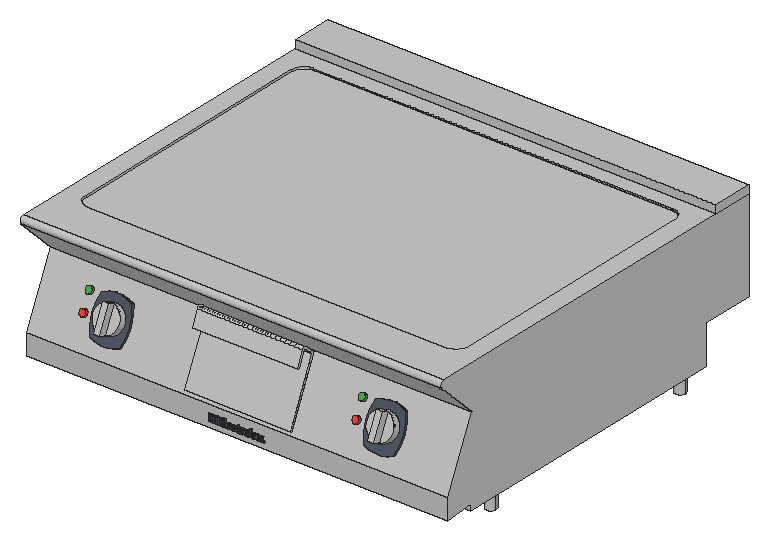
Revit family "QF_ELECTROLUXPROFESSIONAL_Professional_371340_E7IIKDAOMEA", category Specialty Equipment, Revit 2018
Family settings
  Round Connector Dimension = Use Diameter
  Part Type = Normal
  Work Plane-Based = No
  Always vertical = Yes
  Cut with Voids When Loaded = No
  Shared = No
  Room Calculation Point = No
Parameters
  Width = 800.1 mm  # constant formula
  Weight in Pounds = 165  # constant formula
  Watts = 8400 VA  # 8400 W
  Volts = 400 V  # constant formula
  URL Cutsheet = "www.electrolux.com/foodservice"
  URL = "www.electrolux.com/foodservice"
  Type Mark [instance] = ""
  Status [instance] = ""
  Specification by User [instance] = ""
  Specification by Manufacturer = ""
  Show Logo [instance] = yes
  Show Clearance [instance] = yes
  Serial Number = ""
  Seismic Rating = ""
  SMACNA No = ""
  Revision Code [instance] = ""
  Phase = 3  # constant formula
  Omniclass Number and Title = ""
  Number of Poles [instance] = 1
  NAFEM Spec ID Number = ""
  Model = "371186"
  Min Ckt Ampacity = 0 A
  Max Overcurrent Protection = 0 A
  Masterspec = ""
  Manufacturer = "ELECTROLUX"
  Item Number [instance] = ""
  Installed By [instance] = ""
  Identify Quantity as Lot [instance] = yes
  Height = 290.5 mm  # constant formula
  HP = "11.3 HP"
  Furnished By [instance] = ""
  Foodservice Equipment Identifier [instance] = yes
  FL Amps = if(Phase = 3, Watts / (Volts * 1.73), Watts / Volts)  # 12.1387 A
  Electrical Remarks [instance] = "400 V/3N ph/50/60 Hz"  # constant formula
  Electric Connection Type [instance] = ""
  Elec Conn RI Height [instance] = 0 mm
  Elec Conn Connection Height [instance] = 0 mm
  Direct Waste Size = 0"
  Description = "700XP Full Module Electricl Fry Top, Smotth Plate, Mild Steel - 400V"
  Depth = 730.25 mm  # constant formula
  Cycle [instance] = if([60 Hertz Option], 60 Hz, 50 Hz)  # 60 Hz
  Conn Plug = ""
  Conn Conduit = yes
  CSI MasterFormat = ""
  CSI Master Format = ""
  Base Height [instance] = 25.4 mm
  Assembly Code = ""
  Apparent Power = if(Phase = 3, Volts * FL Amps * 1.73, Volts * FL Amps)  # 8400 VA
  60 Hertz Option [instance] = not([50 Hertz Option])  # yes
  50 Hertz Option [instance] = no
Reference planes
  plane 1 "BACK": y = 0
  plane 2: z = 0
  plane 3 "LEFT": x = 0
  plane 4 "RIGHT": x = 800.1
  plane 5 "FRONT": y = -730.25
  plane 6 "TOP": z = 290.5
  plane 7 "Center Y": x = 400.05
  plane 8 "Center X": y = -365.125
  plane 9 "BASE": z = 25.4
Forms (mm)
  Extrusion 1, solid, material "QF_Finishes_Clearance", visible <- "Show Clearance", detail levels coarse
    sketch origin (0, 0, 0) x (1, 0, 0) y (0, 1, 0)
      loop
        line (0, -730.25) -> (0, 0) -> (800.1, 0) -> (800.1, -730.25) -> (950.119, -730.25) -> (950.119, 150.019) -> (-150.019, 150.019) -> (-150.019, -730.25) -> (0, -730.25)
    from 0 to 290.5
  Extrusion 2, solid, material "QF_Finishes_Stainless Steel"
    sketch origin (0, 0, 0) x (0, 1, 0) y (0, 0, 1)
      loop
        line (0, 275.388) -> (-722.94, 275.388)
        arc (-722.94, 275.388) -> (-729.701, 270.87) -> (-728.114, 262.895) r 7.318
        line (-728.114, 262.895) -> (-657.676, 192.457) -> (-713.772, 70.59) -> (-713.772, 32.49) -> (-660.4, 38.1) -> (-660.4, 25.4) -> (-101.6, 25.4) -> (-101.6, 100.012) -> (0, 100.012) -> (0, 275.388)
    from 0 to 800.1
  Extrusion 3, void
    sketch origin (0, 0, 275.388) x (1, 0, 0) y (0, -1, 0)
      loop
        line (60.425, 104.885) -> (739.675, 104.885)
        arc (739.675, 104.885) -> (757.636, 112.324) -> (765.075, 130.285) r 25.4
        line (765.075, 130.285) -> (765.075, 619.485)
        arc (765.075, 619.485) -> (757.636, 637.445) -> (739.675, 644.885) r 25.4
        line (739.675, 644.885) -> (60.425, 644.885)
        arc (60.425, 644.885) -> (42.464, 637.445) -> (35.025, 619.485) r 25.4
        line (35.025, 619.485) -> (35.025, 130.285)
        arc (35.025, 130.285) -> (42.464, 112.324) -> (60.425, 104.885) r 25.4
    from 0 to 3.2
  Extrusion 4, solid, material "QF_Finishes_Stainless Steel"
    sketch origin (0, 0, 0) x (1, 0, 0) y (0, 1, 0)
      loop
        circle (11.112, -147.638) r 9.525
      loop
        circle (11.112, -597.884) r 9.525
      loop
        circle (788.987, -147.638) r 9.525
      loop
        circle (788.987, -597.884) r 9.525
    from 0 to 25.4
  Extrusion 5, solid, material "QF_Finishes_Stainless Steel"
    sketch origin (0, -101.6, 100.012) x (0, 0, -1) y (-1, 0, 0)
      loop
        circle (40.707, -749.3) r 12.7
    from 0 to 3.175
  Extrusion 6, solid, material "QF_Finishes_Stainless Steel"
    sketch origin (400.05, 175.397, 1219.2) x (0, 1, 0) y (0, 0, 1)
      loop
        line (-834.228, -1029.241) -> (-850.635, -1012.834)
        arc (-850.635, -1012.834) -> (-855.102, -1011.432) -> (-858.806, -1014.296) r 5.058
        line (-858.806, -1014.296) -> (-871.468, -1041.806) -> (-868.584, -1043.134) -> (-855.922, -1015.624)
        arc (-855.922, -1015.624) -> (-854.543, -1014.557) -> (-852.88, -1015.079) r 1.883
        line (-852.88, -1015.079) -> (-838.037, -1029.922) -> (-888.871, -1140.367) -> (-885.987, -1141.695) -> (-834.228, -1029.241)
    from 100 to -100
  Extrusion 7, solid, material "QF_Finishes_Drawer Clearance", visible <- "Show Clearance", detail levels coarse
    sketch origin (293.7, -101.6, 0) x (0, 1, 0) y (0, 0, 1)
      loop
        line (-660.751, 176.066) -> (-648.089, 203.576)
        arc (-648.089, 203.576) -> (-646.71, 204.643) -> (-645.046, 204.121) r 1.883
        line (-645.046, 204.121) -> (-630.204, 189.278) -> (-681.037, 78.833) -> (-678.153, 77.505) -> (-608.989, 77.505) -> (-557.231, 189.959) -> (-573.638, 206.366)
        arc (-573.638, 206.366) -> (-574.873, 207.273) -> (-576.323, 207.768) r 5.058
        line (-576.323, 207.768) -> (-647.269, 207.768)
        arc (-647.269, 207.768) -> (-649.472, 206.79) -> (-650.973, 204.904) r 5.058
        line (-650.973, 204.904) -> (-663.635, 177.394) -> (-660.751, 176.066)
    from 6.35 to 206.35
  Extrusion 8, solid, material "QF_Finishes_Navy Blue"
    sketch origin (0, -713.772, 70.59) x (0, 0.418137, 0.908384) y (-1, 0, 0)
      loop
        arc (100.548, -111.195) -> (65.254, -103.821) -> (29.891, -110.852) r 90.252
        arc (29.891, -110.852) -> (23.059, -139.635) -> (29.652, -168.474) r 65.19
        arc (29.652, -168.474) -> (65.166, -175.722) -> (100.621, -168.194) r 88.914
        arc (100.621, -168.194) -> (107.168, -139.686) -> (100.548, -111.195) r 64.978
    from 0 to 3.175
  Extrusion 9, solid, material "QF_Finishes_Stainless Steel"
    sketch origin (-21.25, -717.485, 70.116) x (0, 0.418137, 0.908384) y (-1, 0, 0)
      loop
        circle (68.826, -160.963) r 25.4
    from 0 to 12.7
  Extrusion 10, solid, material "QF_Finishes_Stainless Steel"
    sketch origin (-21.25, -729.022, 75.427) x (0, 0.418137, 0.908384) y (-1, 0, 0)
      loop
        arc (93.558, -166.749) -> (94.226, -160.963) -> (93.558, -155.177) r 25.4
        line (93.558, -155.177) -> (44.094, -155.177)
        arc (44.094, -155.177) -> (43.426, -160.963) -> (44.094, -166.749) r 25.4
        line (44.094, -166.749) -> (93.558, -166.749)
    from 0 to 12.7
  Extrusion 11, solid, material "QF_Finishes_Red"
    sketch origin (0, -713.772, 70.59) x (0, 0.418137, 0.908384) y (-1, 0, 0)
      loop
        circle (60.004, -87.788) r 6.35
    from 0 to 3.175
  Extrusion 12, solid, material "QF_Finishes_Red"
    sketch origin (0, -713.772, 70.59) x (0, 0.418137, 0.908384) y (-1, 0, 0)
      loop
        circle (60.004, -607.001) r 6.35
    from 0 to 3.175
  Extrusion 13, solid, material "QF_Finishes_Green"
    sketch origin (0, -713.772, 70.59) x (0, 0.418137, 0.908384) y (-1, 0, 0)
      loop
        circle (95.7, -87.788) r 6.35
    from 0 to 3.175
  Extrusion 14, solid, material "QF_Finishes_Green"
    sketch origin (0, -713.772, 70.59) x (0, 0.418137, 0.908384) y (-1, 0, 0)
      loop
        circle (95.7, -607.001) r 6.35
    from 0 to 3.175
  Extrusion 15, solid, material "QF_Finishes_Stainless Steel"
    sketch origin (0, 0, 0) x (0, 1, 0) y (0, 0, 1)
      loop
        line (0, 275.388) -> (0, 290.5) -> (-76.2, 290.5) -> (-76.2, 275.388) -> (0, 275.388)
    from 0 to 800.1
  Extrusion 16, solid, material "QF_Finishes_Stainless Steel"
    sketch origin (821.35, -717.485, 70.116) x (0, 0.418137, 0.908384) y (-1, 0, 0)
      loop
        circle (68.826, 160.963) r 25.4
    from 0 to 12.7
  Extrusion 17, solid, material "QF_Finishes_Stainless Steel"
    sketch origin (821.35, -729.022, 75.427) x (0, 0.418137, 0.908384) y (-1, 0, 0)
      loop
        line (93.558, 166.749) -> (44.094, 166.749)
        arc (44.094, 166.749) -> (43.426, 160.963) -> (44.094, 155.177) r 25.4
        line (44.094, 155.177) -> (93.558, 155.177)
        arc (93.558, 155.177) -> (94.226, 160.963) -> (93.558, 166.749) r 25.4
    from 0 to 12.7
  Extrusion 18, solid, material "QF_Finishes_Navy Blue"
    sketch origin (800.1, -713.772, 70.59) x (0, 0.418137, 0.908384) y (-1, 0, 0)
      loop
        arc (100.548, 111.2) -> (107.167, 139.689) -> (100.621, 168.194) r 64.977
        arc (100.621, 168.194) -> (65.165, 175.601) -> (29.652, 168.469) r 90.248
        arc (29.652, 168.469) -> (23.06, 139.633) -> (29.891, 110.852) r 65.189
        arc (29.891, 110.852) -> (65.255, 103.729) -> (100.548, 111.2) r 89.179
    from 0 to 3.175
  Extrusion 19, solid, material "QF_Finishes_Navy Blue", visible <- "Show Logo"
    sketch origin (58.349, -713.772, 35.665) x (0, 0, 1) y (-1, 0, 0)
      loop
        line (20.674, -296.698) -> (8.307, -296.698)
        arc (8.307, -296.698) -> (14.491, -301.27) -> (20.674, -296.698) r 6.467
      loop
        arc (20.674, -296.069) -> (19.505, -290.926) -> (14.849, -288.448) r 6.338
        line (14.849, -288.448) -> (14.849, -290.494)
        arc (14.849, -290.494) -> (16.333, -294.149) -> (19.778, -296.069) r 5.941
        line (19.778, -296.069) -> (20.674, -296.069)
      loop
        arc (9.203, -296.069) -> (12.648, -294.149) -> (14.132, -290.494) r 5.941
        line (14.132, -290.494) -> (14.132, -288.448)
        arc (14.132, -288.448) -> (9.438, -290.922) -> (8.148, -296.069) r 6.504
        line (8.148, -296.069) -> (9.203, -296.069)
      loop
        line (21.349, -287.979) -> (7.604, -287.979) -> (7.604, -301.742) -> (21.349, -301.742) -> (21.349, -287.979)
      loop
        arc (21.432, -304.71) -> (21.085, -304.352) -> (20.718, -304.69) r 0.358
        arc (20.718, -304.69) -> (20.404, -305.44) -> (19.687, -305.825) r 1.216
        line (19.687, -305.825) -> (9.274, -305.825)
        arc (9.274, -305.825) -> (8.614, -305.548) -> (8.218, -304.951) r 1.238
        arc (8.218, -304.951) -> (7.823, -304.7) -> (7.518, -305.054) r 0.358
        line (7.518, -305.054) -> (7.518, -314.933) -> (10.269, -314.933) -> (10.269, -314.036)
        arc (10.269, -314.036) -> (9.36, -313.456) -> (8.904, -312.479) r 1.928
        line (8.904, -312.479) -> (8.904, -309.98)
        arc (8.904, -309.98) -> (9.18, -309.251) -> (9.868, -308.887) r 1.101
        line (9.868, -308.887) -> (13.955, -308.887) -> (13.955, -312.561)
        arc (13.955, -312.561) -> (13.602, -313.058) -> (13.037, -313.286) r 1.083
        arc (13.037, -313.286) -> (12.773, -313.591) -> (13.065, -313.869) r 0.292
        line (13.065, -313.869) -> (16.028, -313.869)
        arc (16.028, -313.869) -> (16.33, -313.596) -> (16.092, -313.266) r 0.305
        arc (16.092, -313.266) -> (15.601, -313.018) -> (15.296, -312.561) r 1.083
        line (15.296, -312.561) -> (15.296, -308.887) -> (19.973, -308.887) -> (19.973, -312.635)
        arc (19.973, -312.635) -> (19.759, -313.39) -> (19.153, -313.888) r 1.314
        arc (19.153, -313.888) -> (18.934, -314.292) -> (19.288, -314.585) r 0.361
        line (19.288, -314.585) -> (21.432, -314.585) -> (21.432, -304.71)
      loop
        arc (20.715, -315.365) -> (20.335, -316.284) -> (19.416, -316.664) r 1.299
        line (19.416, -316.664) -> (9.837, -316.664)
        arc (9.837, -316.664) -> (8.999, -316.286) -> (8.728, -315.408) r 1.118
        line (8.728, -315.408) -> (7.518, -315.408) -> (7.518, -320.758) -> (8.706, -320.758)
        arc (8.706, -320.758) -> (8.978, -319.841) -> (9.848, -319.445) r 1.153
        line (9.848, -319.445) -> (21.92, -319.445) -> (20.715, -315.365)
      loop
        line (12.483, -323.394) -> (12.483, -329.842) -> (13.282, -329.842)
        arc (13.282, -329.842) -> (15.862, -328.857) -> (17.131, -326.404) r 3.874
        line (17.131, -326.404) -> (17.131, -324.643)
        arc (17.131, -324.643) -> (15.944, -321.778) -> (13.08, -320.592) r 4.051
        line (13.08, -320.592) -> (11.072, -320.592)
        arc (11.072, -320.592) -> (8.253, -322.077) -> (7.202, -325.084) r 4.352
        arc (7.202, -325.084) -> (7.566, -327.547) -> (8.943, -329.621) r 5.713
        line (8.943, -329.621) -> (9.892, -329.621)
        arc (9.892, -329.621) -> (9.16, -328.052) -> (8.943, -326.334) r 5.579
        arc (8.943, -326.334) -> (9.737, -324.371) -> (11.616, -323.394) r 3.057
        line (11.616, -323.394) -> (12.483, -323.394)
      loop
        line (13.742, -323.394) -> (13.742, -326.977)
        arc (13.742, -326.977) -> (15.199, -327.024) -> (16.082, -325.864) r 1.59
        line (16.082, -325.864) -> (16.082, -325.034)
        arc (16.082, -325.034) -> (15.217, -323.779) -> (13.742, -323.394) r 2.184
      loop
        arc (16.533, -339.259) -> (17.022, -337.585) -> (17.179, -335.848) r 9.023
        line (17.179, -335.848) -> (17.179, -334.486)
        arc (17.179, -334.486) -> (16.02, -331.686) -> (13.22, -330.527) r 3.959
        line (13.22, -330.527) -> (10.62, -330.527)
        arc (10.62, -330.527) -> (8.338, -331.819) -> (7.221, -334.192) r 4.331
        line (7.221, -334.192) -> (7.221, -336.327)
        arc (7.221, -336.327) -> (7.729, -337.877) -> (8.651, -339.223) r 5.772
        arc (8.651, -339.223) -> (9.412, -339.274) -> (9.499, -338.515) r 0.553
        arc (9.499, -338.515) -> (9.111, -337.781) -> (8.977, -336.962) r 2.573
        line (8.977, -336.962) -> (8.977, -335.447)
        arc (8.977, -335.447) -> (9.983, -333.806) -> (11.798, -333.163) r 2.884
        line (11.798, -333.163) -> (13.077, -333.163)
        arc (13.077, -333.163) -> (14.898, -333.723) -> (15.824, -335.388) r 2.554
        line (15.824, -335.388) -> (15.824, -336.441)
        arc (15.824, -336.441) -> (15.493, -337.369) -> (14.836, -338.104) r 2.564
        arc (14.836, -338.104) -> (14.614, -338.821) -> (15.223, -339.259) r 0.643
        line (15.223, -339.259) -> (16.533, -339.259)
      loop
        line (15.515, -339.53) -> (15.515, -341.031) -> (9.467, -341.031)
        arc (9.467, -341.031) -> (7.879, -341.688) -> (7.221, -343.276) r 2.246
        line (7.221, -343.276) -> (7.221, -344.86)
        arc (7.221, -344.86) -> (7.535, -345.725) -> (8.035, -346.496) r 4.06
        arc (8.035, -346.496) -> (8.768, -346.629) -> (9.019, -345.928) r 0.576
        arc (9.019, -345.928) -> (8.913, -345.403) -> (8.977, -344.87) r 1.69
        arc (8.977, -344.87) -> (9.519, -344.082) -> (10.425, -343.779) r 1.506
        line (10.425, -343.779) -> (15.563, -343.779) -> (15.563, -346.176) -> (16.119, -346.733) -> (16.941, -346.733) -> (16.941, -343.873) -> (20.172, -343.873) -> (15.515, -339.53)
      loop
        line (7.438, -347.63) -> (7.438, -353.017) -> (8.548, -353.017)
        arc (8.548, -353.017) -> (8.942, -352.066) -> (9.893, -351.672) r 1.345
        line (9.893, -351.672) -> (13.509, -351.672)
        arc (13.509, -351.672) -> (14.274, -352.264) -> (14.564, -353.186) r 1.615
        line (14.564, -353.186) -> (14.564, -354.742) -> (17.119, -355.427) -> (17.119, -354.044) -> (15.177, -351.485) -> (17.057, -351.485) -> (16.773, -348.779)
        arc (16.773, -348.779) -> (16.333, -348.249) -> (15.674, -348.45) r 0.621
        arc (15.674, -348.45) -> (15.274, -348.792) -> (14.78, -348.975) r 1.501
        line (14.78, -348.975) -> (9.893, -348.975)
        arc (9.893, -348.975) -> (8.942, -348.581) -> (8.548, -347.63) r 1.345
        line (8.548, -347.63) -> (7.438, -347.63)
      loop
        line (13.54, -354.964) -> (10.848, -354.964)
        arc (10.848, -354.964) -> (8.403, -356.272) -> (7.269, -358.803) r 4.288
        arc (7.269, -358.803) -> (7.205, -360.183) -> (7.269, -361.563) r 15.022
        arc (7.269, -361.563) -> (8.403, -364.094) -> (10.848, -365.401) r 4.288
        line (10.848, -365.401) -> (13.54, -365.401)
        arc (13.54, -365.401) -> (15.986, -364.094) -> (17.119, -361.563) r 4.288
        arc (17.119, -361.563) -> (17.183, -360.183) -> (17.119, -358.803) r 15.022
        arc (17.119, -358.803) -> (15.986, -356.272) -> (13.54, -354.964) r 4.288
      loop
        line (13.745, -358.078) -> (10.643, -358.078)
        arc (10.643, -358.078) -> (8.486, -360.235) -> (10.643, -362.392) r 2.157
        line (10.643, -362.392) -> (13.745, -362.392)
        arc (13.745, -362.392) -> (15.902, -360.235) -> (13.745, -358.078) r 2.157
      loop
        arc (20.726, -365.26) -> (20.355, -366.154) -> (19.461, -366.524) r 1.264
        line (19.461, -366.524) -> (9.597, -366.524)
        arc (9.597, -366.524) -> (8.727, -366.127) -> (8.455, -365.211) r 1.153
        line (8.455, -365.211) -> (7.518, -365.211) -> (7.518, -370.319) -> (8.446, -370.319)
        arc (8.446, -370.319) -> (8.805, -369.547) -> (9.597, -369.232) r 1.153
        line (9.597, -369.232) -> (21.92, -369.232) -> (20.726, -365.26)
      loop
        arc (15.846, -369.857) -> (15.647, -370.921) -> (14.678, -371.403) r 1.215
        line (14.678, -371.403) -> (9.658, -371.403)
        arc (9.658, -371.403) -> (8.043, -372.051) -> (7.322, -373.634) r 2.338
        line (7.322, -373.634) -> (7.322, -375.148)
        arc (7.322, -375.148) -> (7.497, -376.152) -> (7.999, -377.038) r 2.979
        line (7.999, -377.038) -> (7.518, -378.835) -> (7.518, -380.524) -> (16.943, -380.524) -> (16.649, -376.32) -> (15.863, -376.32)
        arc (15.863, -376.32) -> (15.507, -377.156) -> (14.755, -377.665) r 1.605
        line (14.755, -377.665) -> (9.652, -377.665)
        arc (9.652, -377.665) -> (9.232, -376.728) -> (9.159, -375.704) r 2.94
        arc (9.159, -375.704) -> (9.72, -374.603) -> (10.873, -374.16) r 1.724
        line (10.873, -374.16) -> (17.07, -374.16) -> (15.846, -369.857)
      loop
        line (16.874, -381.377) -> (15.202, -383.423) -> (12.028, -385.729) -> (8.572, -382.617)
        arc (8.572, -382.617) -> (8.335, -382.223) -> (8.357, -381.764) r 0.789
        line (8.357, -381.764) -> (7.518, -381.764) -> (7.518, -385.309) -> (8.344, -385.309)
        arc (8.344, -385.309) -> (8.686, -384.947) -> (9.176, -385.039) r 0.52
        line (9.176, -385.039) -> (10.976, -386.51) -> (8.858, -387.886)
        arc (8.858, -387.886) -> (8.457, -387.576) -> (8.37, -387.076) r 0.7
        line (8.37, -387.076) -> (7.518, -387.076) -> (7.518, -393.003) -> (8.405, -393.003)
        arc (8.405, -393.003) -> (8.472, -392.344) -> (8.866, -391.813) r 1.247
        line (8.866, -391.813) -> (13.066, -388.532) -> (15.513, -390.585) -> (16.874, -392.327) -> (16.874, -388.604) -> (15.389, -389.026) -> (13.868, -387.749) -> (15.568, -386.559) -> (16.874, -387.336) -> (16.874, -381.377)
    from 0 to 1.644
Cuts and joins
  Extrusion 3 cuts Extrusion 1
  Extrusion 3 cuts Extrusion 2
Lines and regions (mm)
  symbolic lines, style "QF-Clearances", visible <- "Show Clearance", detail levels coarse
    curve 1: line (-150.019, 150.019, 274.638) -> (-150.019, -730.25, 274.638)
    curve 2: line (950.119, 150.019, 274.638) -> (-150.019, 150.019, 274.638)
    curve 3: line (950.119, -730.25, 274.638) -> (950.119, 150.019, 274.638)
  symbolic lines
    curve 4: line (0, 0, 274.638) -> (800.1, 0, 274.638)
    curve 5: line (0, -730.25, 274.638) -> (0, 0, 274.638)
    curve 6: line (800.1, 0, 274.638) -> (800.1, -730.25, 274.638)
    curve 7: arc (35.025, -619.485, 274.638) -> (42.464, -637.445, 274.638) -> (60.425, -644.885, 274.638) r 25.4
    curve 8: arc (739.315, -644.885, 274.638) -> (757.836, -637.213, 274.638) -> (765.507, -618.692, 274.638) r 26.193
    curve 9: line (0, -76.2, 274.638) -> (800.1, -76.2, 274.638)
    curve 10: line (800.1, -730.25, 274.638) -> (0, -730.25, 274.638)
    curve 11: arc (64.125, -104.885, 274.638) -> (43.548, -113.408, 274.638) -> (35.025, -133.985, 274.638) r 29.1
    curve 12: arc (739.963, -104.885, 274.638) -> (758.026, -112.367, 274.638) -> (765.507, -130.429, 274.638) r 25.544
    curve 13: line (60.425, -644.885, 274.638) -> (739.315, -644.885, 274.638)
    curve 17: line (35.025, -133.985, 274.638) -> (35.025, -619.485, 274.638)
    curve 18: line (64.125, -104.885, 274.638) -> (739.963, -104.885, 274.638)
    curve 19: line (765.507, -130.429, 274.638) -> (765.507, -618.692, 274.638)
  symbolic lines, style "QF_Drawer Clearance", visible <- "Show Clearance", detail levels coarse
    curve 14: line (300.05, -782.637, 274.638) -> (500.05, -782.637, 274.638)
    curve 15: line (500.05, -782.637, 274.638) -> (500.05, -730.25, 274.638)
    curve 16: line (300.05, -782.637, 274.638) -> (300.05, -730.25, 274.638)
Dimensions and locks
  equal spacing: plane 3 "LEFT", plane 7 "Center Y", plane 4 "RIGHT"
  "Width": plane 3 "LEFT" to plane 4 "RIGHT"
  equal spacing: plane 5 "FRONT", plane 8 "Center X", plane 1 "BACK"
  "Depth": plane 5 "FRONT" to plane 1 "BACK"
  plane 1 "BACK" to plane 5 "FRONT" = 730.25 mm
  "Base Height": plane 9 "BASE" to level
  plane 9 "BASE" to level = 25.4 mm
  "Height": plane 6 "TOP" to level
  aligned and locked: level to plane 2
  aligned and locked: plane 6 "TOP" to Extrusion 1
  aligned and locked: plane 4 "RIGHT" to cut or joined group of Extrusion 2, Extrusion 3
  aligned and locked: plane 4 "RIGHT" to Extrusion 15
Automatic sketch dimensions
  plane 5 "FRONT" to Extrusion 1 sketch curve = 0 mm  (x2)
  plane 1 "BACK" to Extrusion 1 sketch curve = 0 mm
  Extrusion 1 sketch curve to plane 3 "LEFT" = 0 mm
  Extrusion 1 sketch curve to plane 4 "RIGHT" = 0 mm
  Extrusion 1 sketch curve to plane 3 "LEFT" = 150.019 mm
  plane 4 "RIGHT" to Extrusion 1 sketch curve = 150.019 mm
  Extrusion 1 sketch curve to plane 1 "BACK" = 150.019 mm
  Extrusion 2 sketch curve to plane 9 "BASE" = 0 mm
  Extrusion 2 sketch curve to plane 1 "BACK" = 0 mm
  plane 1 "BACK" to Extrusion 2 sketch curve = 101.6 mm
  Extrusion 2 sketch curve to plane 5 "FRONT" = 72.574 mm
  plane 9 "BASE" to Extrusion 2 sketch curve = 12.7 mm
  Extrusion 2 sketch curve to plane 5 "FRONT" = 69.85 mm
  Extrusion 2 sketch curve to plane 5 "FRONT" = 16.478 mm
  Extrusion 2 sketch curve to plane 5 "FRONT" = 7.31 mm
  Extrusion 2 sketch curve to plane 5 "FRONT" = 2.136 mm
  plane 9 "BASE" to Extrusion 2 sketch curve = 7.09 mm
  Extrusion 2 sketch curve to Extrusion 2 sketch curve = 38.1 mm
  plane 9 "BASE" to Extrusion 2 sketch curve = 74.612 mm
  Extrusion 2 sketch curve to plane 6 "TOP" = 98.043 mm
  Extrusion 2 sketch curve to plane 6 "TOP" = 27.605 mm
  Extrusion 2 sketch curve to Extrusion 2 sketch curve = 5.174 mm
  Extrusion 2 to Extrusion 3 sketch curve = 35.025 mm
  Extrusion 3 sketch curve to Extrusion 3 sketch curve = 25.4 mm  (x3)
  Extrusion 2 to Extrusion 3 sketch curve = 60.425 mm  (x2)
  Extrusion 2 to Extrusion 3 sketch curve = 78.055 mm
  Extrusion 2 to Extrusion 3 sketch curve = 130.285 mm
  plane 3 "LEFT" to Extrusion 4 sketch curve = 11.112 mm  (x2)
  Extrusion 4 sketch curve to plane 4 "RIGHT" = 11.113 mm  (x2)
  Extrusion 4 sketch curve to plane 5 "FRONT" = 132.366 mm  (x2)
  plane 1 "BACK" to Extrusion 4 sketch curve = 147.638 mm  (x2)
  Extrusion 2 to Extrusion 5 sketch curve = 33.906 mm
  Extrusion 2 to Extrusion 5 sketch curve = 50.8 mm
  Extrusion 6 sketch curve to Extrusion 6 sketch curve = 0 mm  (x2)
  Extrusion 6 sketch curve to plane 5 "FRONT" = 16.776 mm
  Extrusion 6 sketch curve to Extrusion 6 sketch curve = 2.884 mm  (x3)
  Extrusion 6 sketch curve to plane 5 "FRONT" = 34.179 mm
  Extrusion 6 sketch curve to Extrusion 6 sketch curve = 12.662 mm
  Extrusion 6 sketch curve to Extrusion 6 sketch curve = 1.711 mm
  Extrusion 6 sketch curve to Extrusion 6 sketch curve = 1.332 mm
  Extrusion 6 sketch curve to Extrusion 6 sketch curve = 2.245 mm
  Extrusion 6 sketch curve to Extrusion 6 sketch curve = 14.843 mm
  Extrusion 6 sketch curve to Extrusion 6 sketch curve = 3.809 mm
  plane 9 "BASE" to Extrusion 6 sketch curve = 52.105 mm
  Extrusion 6 sketch curve to Extrusion 6 sketch curve = 1.327 mm  (x2)
  Extrusion 6 sketch curve to Extrusion 6 sketch curve = 13.211 mm
  Extrusion 6 sketch curve to Extrusion 6 sketch curve = 0.787 mm
  Extrusion 7 sketch curve to Extrusion 7 sketch curve = 0 mm  (x2)
  plane 5 "FRONT" to Extrusion 7 sketch curve = 52.387 mm
  Extrusion 7 sketch curve to Extrusion 7 sketch curve = 2.884 mm  (x3)
  plane 5 "FRONT" to Extrusion 7 sketch curve = 34.985 mm
  plane 5 "FRONT" to Extrusion 7 sketch curve = 22.323 mm
  Extrusion 7 sketch curve to Extrusion 7 sketch curve = 0.82 mm
  Extrusion 7 sketch curve to Extrusion 7 sketch curve = 1.711 mm
  Extrusion 7 sketch curve to Extrusion 7 sketch curve = 1.332 mm
  plane 5 "FRONT" to Extrusion 7 sketch curve = 1.554 mm
  Extrusion 7 sketch curve to plane 5 "FRONT" = 19.661 mm
  Extrusion 7 sketch curve to plane 5 "FRONT" = 51.436 mm
  Extrusion 7 sketch curve to Extrusion 7 sketch curve = 0.891 mm
  Extrusion 7 sketch curve to Extrusion 7 sketch curve = 2.686 mm
  Extrusion 7 sketch curve to Extrusion 7 sketch curve = 16.406 mm
  plane 9 "BASE" to Extrusion 7 sketch curve = 52.105 mm
  Extrusion 7 sketch curve to Extrusion 7 sketch curve = 1.327 mm  (x2)
  Extrusion 7 sketch curve to Extrusion 7 sketch curve = 13.211 mm
  Extrusion 7 sketch curve to Extrusion 7 sketch curve = 0.681 mm
  Extrusion 7 sketch curve to Extrusion 7 sketch curve = 0.787 mm
  Extrusion 7 sketch curve to Extrusion 7 sketch curve = 4.979 mm
  Extrusion 8 sketch curve to Extrusion 2 = 29.652 mm
  Extrusion 8 sketch curve to Extrusion 2 = 29.891 mm
  Extrusion 8 sketch curve to Extrusion 8 sketch curve = 12.538 mm
  Extrusion 8 sketch curve to Extrusion 8 sketch curve = 35.163 mm
  Extrusion 8 sketch curve to Extrusion 8 sketch curve = 34.925 mm
  Extrusion 2 to Extrusion 8 sketch curve = 45.909 mm
  Extrusion 8 sketch curve to Extrusion 8 sketch curve = 12.3 mm
  Extrusion 8 sketch curve to Extrusion 8 sketch curve = 12.373 mm
  Extrusion 2 to Extrusion 8 sketch curve = 194.072 mm
  Extrusion 8 sketch curve to Extrusion 8 sketch curve = 25.598 mm
  Extrusion 8 sketch curve to Extrusion 8 sketch curve = 25.878 mm
  Extrusion 8 sketch curve to Extrusion 8 sketch curve = 28.289 mm
  Extrusion 10 sketch curve to Extrusion 10 sketch curve = 24.732 mm
  Extrusion 10 sketch curve to Extrusion 10 sketch curve = 0 mm
  Extrusion 11 sketch curve to Extrusion 2 = 60.004 mm
  Extrusion 2 to Extrusion 11 sketch curve = 87.788 mm
  Extrusion 12 sketch curve to Extrusion 2 = 60.004 mm
  Extrusion 2 to Extrusion 12 sketch curve = 193.099 mm
  Extrusion 2 to Extrusion 13 sketch curve = 38.458 mm
  Extrusion 2 to Extrusion 13 sketch curve = 87.788 mm
  Extrusion 2 to Extrusion 14 sketch curve = 38.458 mm
  Extrusion 2 to Extrusion 14 sketch curve = 193.099 mm
  Extrusion 15 sketch curve to plane 6 "TOP" = 0 mm
  Extrusion 15 sketch curve to plane 1 "BACK" = 0 mm
  plane 1 "BACK" to Extrusion 15 sketch curve = 76.2 mm
  Extrusion 15 sketch curve to plane 6 "TOP" = 15.112 mm
  Extrusion 17 sketch curve to Extrusion 17 sketch curve = 24.732 mm
  Extrusion 17 sketch curve to Extrusion 17 sketch curve = 0 mm
  Extrusion 18 sketch curve to Extrusion 2 = 29.652 mm
  Extrusion 18 sketch curve to Extrusion 2 = 29.891 mm
  Extrusion 18 sketch curve to Extrusion 18 sketch curve = 12.538 mm
  Extrusion 18 sketch curve to Extrusion 18 sketch curve = 35.163 mm
  Extrusion 18 sketch curve to Extrusion 18 sketch curve = 34.925 mm
  Extrusion 2 to Extrusion 18 sketch curve = 45.909 mm
  Extrusion 18 sketch curve to Extrusion 18 sketch curve = 12.3 mm
  Extrusion 18 sketch curve to Extrusion 18 sketch curve = 12.373 mm
  Extrusion 2 to Extrusion 18 sketch curve = 85.354 mm
  Extrusion 18 sketch curve to Extrusion 18 sketch curve = 25.498 mm
  Extrusion 18 sketch curve to Extrusion 18 sketch curve = 25.846 mm
  Extrusion 18 sketch curve to Extrusion 18 sketch curve = 28.921 mm
  plane 5 "FRONT" to curve 3 = 0 mm
  plane 1 "BACK" to curve 4 = 0 mm
  curve 4 to plane 4 "RIGHT" = 0 mm
  plane 5 "FRONT" to curve 15 = 0 mm
  curve 5 to plane 3 "LEFT" = 0 mm
  plane 5 "FRONT" to curve 1 = 0 mm
  plane 4 "RIGHT" to curve 3 = 150.019 mm
  curve 8 to plane 4 "RIGHT" = 34.593 mm
  curve 12 to curve 12 = 25.544 mm
  curve 19 to curve 8 = 26.193 mm
  plane 7 "Center Y" to curve 15 = 100 mm
  curve 16 to plane 7 "Center Y" = 100 mm
  plane 3 "LEFT" to curve 18 = 64.125 mm
  plane 3 "LEFT" to curve 13 = 60.425 mm
  curve 7 to curve 7 = 25.4 mm
  curve 1 to plane 3 "LEFT" = 150.019 mm
  curve 1 to plane 1 "BACK" = 150.019 mm
  plane 1 "BACK" to curve 9 = 76.2 mm
  curve 9 to curve 18 = 28.685 mm
  curve 19 to plane 5 "FRONT" = 111.558 mm
  plane 5 "FRONT" to curve 14 = 52.387 mm
  plane 9 "BASE" to Extrusion 19 sketch curve = 12.426 mm
  plane 9 "BASE" to Extrusion 19 sketch curve = 17.467 mm
  plane 7 "Center Y" to Extrusion 19 sketch curve = 3.159 mm
  Extrusion 19 sketch curve to Extrusion 19 sketch curve = 5.06 mm
  Extrusion 19 sketch curve to Extrusion 19 sketch curve = 0 mm  (x28)
  Extrusion 19 sketch curve to Extrusion 19 sketch curve = 5.108 mm  (x2)
  Extrusion 19 sketch curve to Extrusion 19 sketch curve = 0.054 mm
  Extrusion 19 sketch curve to Extrusion 19 sketch curve = 0.218 mm
  Extrusion 19 sketch curve to Extrusion 19 sketch curve = 0.195 mm
  Extrusion 19 sketch curve to Extrusion 19 sketch curve = 0.249 mm
  plane 9 "BASE" to Extrusion 19 sketch curve = 17.783 mm
  Extrusion 19 sketch curve to Extrusion 19 sketch curve = 0.087 mm
  Extrusion 19 sketch curve to Extrusion 19 sketch curve = 0.358 mm
  Extrusion 19 sketch curve to Extrusion 19 sketch curve = 0.481 mm
  Extrusion 19 sketch curve to Extrusion 19 sketch curve = 0.597 mm
  Extrusion 19 sketch curve to Extrusion 19 sketch curve = 0.544 mm
  Extrusion 19 sketch curve to Extrusion 19 sketch curve = 0.936 mm
  Extrusion 19 sketch curve to Extrusion 19 sketch curve = 0.594 mm
  Extrusion 19 sketch curve to Extrusion 19 sketch curve = 0.343 mm
  Extrusion 19 sketch curve to Extrusion 19 sketch curve = 0.159 mm
  Extrusion 19 sketch curve to Extrusion 19 sketch curve = 0.826 mm
  Extrusion 19 sketch curve to Extrusion 19 sketch curve = 0.839 mm
  Extrusion 19 sketch curve to Extrusion 19 sketch curve = 0.852 mm
  Extrusion 19 sketch curve to Extrusion 19 sketch curve = 0.887 mm
  Extrusion 19 sketch curve to Extrusion 19 sketch curve = 0.928 mm
  Extrusion 19 sketch curve to Extrusion 19 sketch curve = 0.938 mm
  Extrusion 19 sketch curve to Extrusion 19 sketch curve = 0.444 mm
  Extrusion 19 sketch curve to Extrusion 19 sketch curve = 1.11 mm  (x3)
  Extrusion 19 sketch curve to Extrusion 19 sketch curve = 0.215 mm
  Extrusion 19 sketch curve to Extrusion 19 sketch curve = 1.43 mm
  Extrusion 19 sketch curve to Extrusion 19 sketch curve = 1.188 mm
  Extrusion 19 sketch curve to Extrusion 19 sketch curve = 1.21 mm  (x2)
  Extrusion 19 sketch curve to Extrusion 19 sketch curve = 0.503 mm
  Extrusion 19 sketch curve to Extrusion 19 sketch curve = 0.488 mm
  Extrusion 19 sketch curve to Extrusion 19 sketch curve = 0.462 mm
  Extrusion 19 sketch curve to Extrusion 19 sketch curve = 1.386 mm
  Extrusion 19 sketch curve to Extrusion 19 sketch curve = 1.742 mm  (x2)
  Extrusion 19 sketch curve to Extrusion 19 sketch curve = 0.821 mm
  Extrusion 19 sketch curve to Extrusion 19 sketch curve = 0.497 mm
  Extrusion 19 sketch curve to Extrusion 19 sketch curve = 0.539 mm
  Extrusion 19 sketch curve to Extrusion 19 sketch curve = 0.686 mm
  Extrusion 19 sketch curve to Extrusion 19 sketch curve = 0.408 mm
  Extrusion 19 sketch curve to Extrusion 19 sketch curve = 0.743 mm
  Extrusion 19 sketch curve to Extrusion 19 sketch curve = 1.16 mm
  Extrusion 19 sketch curve to Extrusion 19 sketch curve = 0.329 mm
  Extrusion 19 sketch curve to Extrusion 19 sketch curve = 1.054 mm
  Extrusion 19 sketch curve to Extrusion 19 sketch curve = 1.056 mm
  Extrusion 19 sketch curve to Extrusion 19 sketch curve = 0.129 mm
  Extrusion 19 sketch curve to Extrusion 19 sketch curve = 0.489 mm
  Extrusion 19 sketch curve to Extrusion 19 sketch curve = 0.441 mm
  Extrusion 19 sketch curve to Extrusion 19 sketch curve = 1.151 mm
  Extrusion 19 sketch curve to Extrusion 19 sketch curve = 1.141 mm  (x2)
  Extrusion 19 sketch curve to Extrusion 19 sketch curve = 0.768 mm
  Extrusion 19 sketch curve to Extrusion 19 sketch curve = 1.653 mm
  Extrusion 19 sketch curve to Extrusion 19 sketch curve = 0.499 mm
  Extrusion 19 sketch curve to Extrusion 19 sketch curve = 0.964 mm
  Extrusion 19 sketch curve to Extrusion 19 sketch curve = 0.949 mm
  Extrusion 19 sketch curve to Extrusion 19 sketch curve = 1.345 mm  (x2)
  Extrusion 19 sketch curve to Extrusion 19 sketch curve = 1.101 mm
  Extrusion 19 sketch curve to Extrusion 19 sketch curve = 0.432 mm
  Extrusion 19 sketch curve to Extrusion 19 sketch curve = 1.142 mm
  Extrusion 19 sketch curve to Extrusion 19 sketch curve = 0.959 mm
  Extrusion 19 sketch curve to Extrusion 19 sketch curve = 0.176 mm
  Extrusion 19 sketch curve to Extrusion 19 sketch curve = 0.728 mm
  Extrusion 19 sketch curve to Extrusion 19 sketch curve = 3.375 mm  (x2)
  Extrusion 19 sketch curve to Extrusion 19 sketch curve = 0.541 mm
  Extrusion 19 sketch curve to Extrusion 19 sketch curve = 0.955 mm
  Extrusion 19 sketch curve to Extrusion 19 sketch curve = 1.251 mm
  Extrusion 19 sketch curve to Extrusion 19 sketch curve = 0.572 mm
  Extrusion 19 sketch curve to Extrusion 19 sketch curve = 1.92 mm
  Extrusion 19 sketch curve to Extrusion 19 sketch curve = 1.224 mm
  Extrusion 19 sketch curve to Extrusion 19 sketch curve = 0.745 mm
  Extrusion 19 sketch curve to Extrusion 19 sketch curve = 2.537 mm
  Extrusion 19 sketch curve to Extrusion 19 sketch curve = 0.896 mm  (x3)
  Extrusion 19 sketch curve to Extrusion 19 sketch curve = 0.036 mm
  Extrusion 19 sketch curve to Extrusion 19 sketch curve = 2.607 mm
  Extrusion 19 sketch curve to Extrusion 19 sketch curve = 0.066 mm
  Extrusion 19 sketch curve to Extrusion 19 sketch curve = 0.248 mm
  Extrusion 19 sketch curve to Extrusion 19 sketch curve = 0.449 mm
  Extrusion 19 sketch curve to Extrusion 19 sketch curve = 1.052 mm
  Extrusion 19 sketch curve to Extrusion 19 sketch curve = 1.863 mm
  Extrusion 19 sketch curve to Extrusion 19 sketch curve = 1.31 mm  (x2)
  Extrusion 19 sketch curve to Extrusion 19 sketch curve = 0.901 mm
  Extrusion 19 sketch curve to Extrusion 19 sketch curve = 1.107 mm
  Extrusion 19 sketch curve to Extrusion 19 sketch curve = 2.122 mm
  Extrusion 19 sketch curve to Extrusion 19 sketch curve = 2.101 mm
  Extrusion 19 sketch curve to Extrusion 19 sketch curve = 0.106 mm
  Extrusion 19 sketch curve to Extrusion 19 sketch curve = 0.029 mm
  Extrusion 19 sketch curve to Extrusion 19 sketch curve = 2.09 mm
  Extrusion 19 sketch curve to Extrusion 19 sketch curve = 1.279 mm
  Extrusion 19 sketch curve to Extrusion 19 sketch curve = 2.008 mm
  Extrusion 19 sketch curve to Extrusion 19 sketch curve = 0.738 mm
  Extrusion 19 sketch curve to Extrusion 19 sketch curve = 0.382 mm
  Extrusion 19 sketch curve to Extrusion 19 sketch curve = 0.384 mm
  Extrusion 19 sketch curve to Extrusion 19 sketch curve = 0.002 mm
  Extrusion 19 sketch curve to Extrusion 19 sketch curve = 0.561 mm
  Extrusion 19 sketch curve to Extrusion 19 sketch curve = 0.592 mm
  Extrusion 19 sketch curve to Extrusion 19 sketch curve = 2.692 mm
  Extrusion 19 sketch curve to Extrusion 19 sketch curve = 1.259 mm
  Extrusion 19 sketch curve to Extrusion 19 sketch curve = 0.802 mm
  Extrusion 19 sketch curve to Extrusion 19 sketch curve = 1.024 mm  (x2)
  Extrusion 19 sketch curve to Extrusion 19 sketch curve = 0.682 mm
  Extrusion 19 sketch curve to Extrusion 19 sketch curve = 5.934 mm
  Extrusion 19 sketch curve to Extrusion 19 sketch curve = 2.186 mm
  Extrusion 19 sketch curve to Extrusion 19 sketch curve = 0.337 mm
  Extrusion 19 sketch curve to Extrusion 19 sketch curve = 0.021 mm
  Extrusion 19 sketch curve to Extrusion 19 sketch curve = 1.005 mm
  Extrusion 19 sketch curve to Extrusion 19 sketch curve = 0.552 mm
  Extrusion 19 sketch curve to Extrusion 19 sketch curve = 0.778 mm
  Extrusion 19 sketch curve to Extrusion 19 sketch curve = 0.063 mm
  Extrusion 19 sketch curve to Extrusion 19 sketch curve = 1.023 mm
  Extrusion 19 sketch curve to Extrusion 19 sketch curve = 3.804 mm
  Extrusion 19 sketch curve to Extrusion 19 sketch curve = 0.486 mm
  Extrusion 19 sketch curve to Extrusion 19 sketch curve = 0.266 mm  (x2)
  Extrusion 19 sketch curve to Extrusion 19 sketch curve = 1.547 mm
  Extrusion 19 sketch curve to Extrusion 19 sketch curve = 0.717 mm  (x2)
  Extrusion 19 sketch curve to Extrusion 19 sketch curve = 1.667 mm
  Extrusion 19 sketch curve to Extrusion 19 sketch curve = 3.174 mm
  Extrusion 19 sketch curve to Extrusion 19 sketch curve = 0.388 mm
  Extrusion 19 sketch curve to Extrusion 19 sketch curve = 1.342 mm
  Extrusion 19 sketch curve to Extrusion 19 sketch curve = 1.521 mm
  Extrusion 19 sketch curve to Extrusion 19 sketch curve = 0.124 mm
  Extrusion 19 sketch curve to Extrusion 19 sketch curve = 0.291 mm
  plane 7 "Center Y" to Extrusion 19 sketch curve = 4.475 mm
  Extrusion 19 sketch curve to Extrusion 19 sketch curve = 1.049 mm  (x2)
  Extrusion 19 sketch curve to Extrusion 19 sketch curve = 1.7 mm
  Extrusion 19 sketch curve to Extrusion 19 sketch curve = 0.894 mm
  Extrusion 19 sketch curve to Extrusion 19 sketch curve = 0.989 mm
  Extrusion 19 sketch curve to Extrusion 19 sketch curve = 1.168 mm
  Extrusion 19 sketch curve to Extrusion 19 sketch curve = 1.594 mm
  Extrusion 19 sketch curve to Extrusion 19 sketch curve = 0.731 mm
  Extrusion 19 sketch curve to Extrusion 19 sketch curve = 1.566 mm
  Extrusion 19 sketch curve to Extrusion 19 sketch curve = 0.064 mm
  plane 7 "Center Y" to Extrusion 19 sketch curve = 5.031 mm
  Extrusion 19 sketch curve to Extrusion 19 sketch curve = 0.556 mm  (x2)
  Extrusion 19 sketch curve to Extrusion 19 sketch curve = 0.48 mm
  Extrusion 19 sketch curve to Extrusion 19 sketch curve = 1.018 mm
  Extrusion 19 sketch curve to Extrusion 19 sketch curve = 0.787 mm
  Extrusion 19 sketch curve to Extrusion 19 sketch curve = 0.618 mm
  Extrusion 19 sketch curve to Extrusion 19 sketch curve = 1.672 mm
  Extrusion 19 sketch curve to Extrusion 19 sketch curve = 1.361 mm
  Extrusion 19 sketch curve to Extrusion 19 sketch curve = 0.822 mm
  Extrusion 19 sketch curve to Extrusion 19 sketch curve = 0.069 mm
  Extrusion 19 sketch curve to Extrusion 19 sketch curve = 1.88 mm
  Extrusion 19 sketch curve to Extrusion 19 sketch curve = 0.42 mm
  Extrusion 19 sketch curve to Extrusion 19 sketch curve = 0.062 mm
  Extrusion 19 sketch curve to Extrusion 19 sketch curve = 1.355 mm
  Extrusion 19 sketch curve to Extrusion 19 sketch curve = 2.34 mm
  Extrusion 19 sketch curve to Extrusion 19 sketch curve = 0.493 mm
  Extrusion 19 sketch curve to Extrusion 19 sketch curve = 0.136 mm
  Extrusion 19 sketch curve to Extrusion 19 sketch curve = 0.128 mm
  Extrusion 19 sketch curve to Extrusion 19 sketch curve = 3.616 mm
  Extrusion 19 sketch curve to Extrusion 19 sketch curve = 4.207 mm
  Extrusion 19 sketch curve to Extrusion 19 sketch curve = 0.183 mm
  Extrusion 19 sketch curve to Extrusion 19 sketch curve = 0.895 mm
  Extrusion 19 sketch curve to Extrusion 19 sketch curve = 1.314 mm
  Extrusion 19 sketch curve to Extrusion 19 sketch curve = 3.231 mm
  Extrusion 19 sketch curve to Extrusion 19 sketch curve = 1.299 mm
  Extrusion 19 sketch curve to Extrusion 19 sketch curve = 1.214 mm
  Extrusion 19 sketch curve to Extrusion 19 sketch curve = 1.264 mm
  Extrusion 19 sketch curve to Extrusion 19 sketch curve = 0.109 mm
  Extrusion 19 sketch curve to Extrusion 19 sketch curve = 0.357 mm
  Extrusion 19 sketch curve to Extrusion 19 sketch curve = 0.565 mm
  Extrusion 19 sketch curve to Extrusion 19 sketch curve = 2.504 mm
  Extrusion 19 sketch curve to Extrusion 19 sketch curve = 2.459 mm
  Extrusion 19 sketch curve to Extrusion 19 sketch curve = 1.322 mm
  Extrusion 19 sketch curve to Extrusion 19 sketch curve = 2.77 mm
  Extrusion 19 sketch curve to Extrusion 19 sketch curve = 2.51 mm
  Extrusion 19 sketch curve to Extrusion 19 sketch curve = 0.187 mm
  Extrusion 19 sketch curve to Extrusion 19 sketch curve = 2.559 mm
  Extrusion 19 sketch curve to Extrusion 19 sketch curve = 1.556 mm
  Extrusion 19 sketch curve to Extrusion 19 sketch curve = 0.222 mm
  Extrusion 19 sketch curve to Extrusion 19 sketch curve = 1.383 mm
  Extrusion 19 sketch curve to Extrusion 19 sketch curve = 3.114 mm
  Extrusion 19 sketch curve to Extrusion 19 sketch curve = 3.376 mm
  Extrusion 19 sketch curve to Extrusion 19 sketch curve = 0.934 mm
  Extrusion 19 sketch curve to Extrusion 19 sketch curve = 0.191 mm
  Extrusion 19 sketch curve to Extrusion 19 sketch curve = 3.696 mm
  Extrusion 19 sketch curve to Extrusion 19 sketch curve = 2.708 mm
  Extrusion 19 sketch curve to Extrusion 19 sketch curve = 3.333 mm
  Extrusion 19 sketch curve to Extrusion 19 sketch curve = 0.332 mm
  Extrusion 19 sketch curve to Extrusion 19 sketch curve = 1.087 mm
  Extrusion 19 sketch curve to Extrusion 19 sketch curve = 2.23 mm
  Extrusion 19 sketch curve to Extrusion 19 sketch curve = 2.757 mm
  Extrusion 19 sketch curve to Extrusion 19 sketch curve = 0.987 mm
  Extrusion 19 sketch curve to Extrusion 19 sketch curve = 1.529 mm
  Extrusion 19 sketch curve to Extrusion 19 sketch curve = 1.796 mm
  Extrusion 19 sketch curve to Extrusion 19 sketch curve = 2.859 mm
  Extrusion 19 sketch curve to Extrusion 19 sketch curve = 0.853 mm
  Extrusion 19 sketch curve to Extrusion 19 sketch curve = 1.241 mm
  Extrusion 19 sketch curve to Extrusion 19 sketch curve = 2.046 mm  (x2)
  Extrusion 19 sketch curve to Extrusion 19 sketch curve = 2.422 mm
  Extrusion 19 sketch curve to Extrusion 19 sketch curve = 0.27 mm  (x2)
  Extrusion 19 sketch curve to Extrusion 19 sketch curve = 0.69 mm
  Extrusion 19 sketch curve to Extrusion 19 sketch curve = 0.781 mm  (x2)
  Extrusion 19 sketch curve to Extrusion 19 sketch curve = 3.136 mm
  Extrusion 19 sketch curve to Extrusion 19 sketch curve = 1.767 mm
  Extrusion 19 sketch curve to Extrusion 19 sketch curve = 0.138 mm
  Extrusion 19 sketch curve to Extrusion 19 sketch curve = 0.777 mm
  Extrusion 19 sketch curve to Extrusion 19 sketch curve = 1.19 mm
  Extrusion 19 sketch curve to Extrusion 19 sketch curve = 0.782 mm
  Extrusion 19 sketch curve to Extrusion 19 sketch curve = 1.268 mm
  Extrusion 19 sketch curve to Extrusion 19 sketch curve = 0.422 mm  (x2)
  Extrusion 19 sketch curve to Extrusion 19 sketch curve = 1.559 mm
  Extrusion 19 sketch curve to Extrusion 19 sketch curve = 3.927 mm
  Extrusion 19 sketch curve to Extrusion 19 sketch curve = 0.983 mm
  Extrusion 19 sketch curve to Extrusion 19 sketch curve = 1.134 mm
  Extrusion 19 sketch curve to Extrusion 19 sketch curve = 0.094 mm
  plane 7 "Center Y" to Extrusion 19 sketch curve = 1.575 mm
  Extrusion 19 sketch curve to Extrusion 19 sketch curve = 1.501 mm
  Extrusion 19 sketch curve to Extrusion 19 sketch curve = 1.808 mm
  Extrusion 19 sketch curve to Extrusion 19 sketch curve = 0.643 mm
  Extrusion 19 sketch curve to Extrusion 19 sketch curve = 0.916 mm
  Extrusion 19 sketch curve to Extrusion 19 sketch curve = 0.352 mm
  Extrusion 19 sketch curve to Extrusion 19 sketch curve = 0.458 mm
  Extrusion 19 sketch curve to Extrusion 19 sketch curve = 1.282 mm
  Extrusion 19 sketch curve to Extrusion 19 sketch curve = 1.363 mm
  Extrusion 19 sketch curve to Extrusion 19 sketch curve = 0.685 mm
  Extrusion 19 sketch curve to Extrusion 19 sketch curve = 0.905 mm
  Extrusion 19 sketch curve to Extrusion 19 sketch curve = 2.865 mm
  Extrusion 19 sketch curve to Extrusion 19 sketch curve = 0.472 mm
  Extrusion 19 sketch curve to Extrusion 19 sketch curve = 0.101 mm
  Extrusion 19 sketch curve to Extrusion 19 sketch curve = 0.54 mm
  Extrusion 19 sketch curve to Extrusion 19 sketch curve = 0.02 mm
  Extrusion 19 sketch curve to Extrusion 19 sketch curve = 0.468 mm
  Extrusion 19 sketch curve to Extrusion 19 sketch curve = 0.829 mm
  Extrusion 19 sketch curve to Extrusion 19 sketch curve = 0.582 mm
  Extrusion 19 sketch curve to Extrusion 19 sketch curve = 0.166 mm
  Extrusion 19 sketch curve to Extrusion 19 sketch curve = 0.16 mm
  Extrusion 19 sketch curve to Extrusion 19 sketch curve = 2.781 mm
  Extrusion 19 sketch curve to Extrusion 19 sketch curve = 1.118 mm
  Extrusion 19 sketch curve to Extrusion 19 sketch curve = 0.613 mm
  Extrusion 19 sketch curve to Extrusion 19 sketch curve = 0.361 mm
  Extrusion 19 sketch curve to Extrusion 19 sketch curve = 0.897 mm
  Extrusion 19 sketch curve to Extrusion 19 sketch curve = 0.167 mm
  Extrusion 19 sketch curve to Extrusion 19 sketch curve = 0.292 mm
  Extrusion 19 sketch curve to Extrusion 19 sketch curve = 0.305 mm
  Extrusion 19 sketch curve to Extrusion 19 sketch curve = 1.557 mm
  Extrusion 19 sketch curve to Extrusion 19 sketch curve = 2.499 mm
  Extrusion 19 sketch curve to Extrusion 19 sketch curve = 3.062 mm
  Extrusion 19 sketch curve to Extrusion 19 sketch curve = 2.968 mm
  Extrusion 19 sketch curve to Extrusion 19 sketch curve = 5.044 mm
  Extrusion 19 sketch curve to Extrusion 19 sketch curve = 0.629 mm  (x2)
  Extrusion 19 sketch curve to Extrusion 19 sketch curve = 1.131 mm
  Extrusion 19 sketch curve to Extrusion 19 sketch curve = 0.137 mm
  Extrusion 19 sketch curve to Extrusion 19 sketch curve = 0.027 mm
  Extrusion 19 sketch curve to Extrusion 19 sketch curve = 2.235 mm
  radius of Extrusion 4 sketch curve = 9.525 mm  (x4)
  radius of Extrusion 5 sketch curve = 12.7 mm
  radius of Extrusion 9 sketch curve = 25.4 mm
  radius of Extrusion 10 sketch curve to Extrusion 9 = 0 mm  (x2)
  radius of Extrusion 11 sketch curve = 6.35 mm
  radius of Extrusion 12 sketch curve = 6.35 mm
  radius of Extrusion 13 sketch curve = 6.35 mm
  radius of Extrusion 14 sketch curve = 6.35 mm
  radius of Extrusion 16 sketch curve = 25.4 mm
  radius of Extrusion 17 sketch curve to Extrusion 16 = 0 mm  (x2)
Connectors
  electrical at (749.3, -98.425, 59.306), driven by "Volts", driven by "Watts"
    settings: on Extrusion 5, index 1, voltage 400 V, apparent load 8400 VA, apparent load phase1 0 VA, apparent load phase2 0 VA, apparent load phase3 0 VA, power factor 1, load classification "Other", number of poles 1, system type 30, power factor state 1, is connector primary yes, connector utility no, sub classification motor no, connector description "Electrical Connection"
